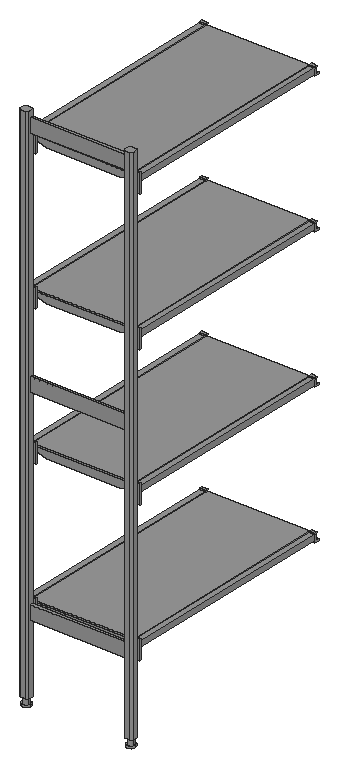
Revit family "QF_ELECTROLUXPROFESSIONAL_137050_ACS740", category Attrezzature speciali, Revit 2020
Family settings
  Quota connettore circolare = Usa diametro
  Tipo di parte = Normale
  Basato su piano di lavoro = No
  Sempre verticale = Sì
  Taglio con vuoti quando caricato = No
  Condiviso = No
  Punto di calcolo locali = No
Parameters (values of type "Standard")
  Weight = 13.00 kg
  Watts = 0 W
  Volts = 0 V
  URL Manufacturer = "https://www.electroluxprofessional.com/"
  URL = "https://www.electroluxprofessional.com/"
  Steam Supply Size = 0 mm
  Steam Supply Minimum Pressure = 0.0 Pa
  Steam Supply Maximum Pressure = 0.0 Pa
  Steam Consumption per Hour = 0
  Refrigeration Suction Line Size = 0.0 mm
  Refrigeration Liquid Line Size = 0.0 mm
  Refrigerant Compressor Remote = yes
  Prospetto di default = 0.0 mm
  Phase = 0
  Modello = "ACS740"
  Produttore = "Electrolux Professional"
  Length Actual = 744.0 mm  # constant formula
  Item Number = "137050"
  Hot Water Size = 0 mm
  Height Actual = 1700.0 mm  # constant formula
  HP = "0 HP"
  Gas Size = 0 mm
  Gas KW = 0
  Gas Input Pressure = 0 W
  Direct Waste Size = 0 mm
  Descrizione = "ALUM.CORNER SHELV.-POLY.TIERS-373X744MM"
  Depth Actual = 373.0 mm  # constant formula
  Cycle = 0 Hz
  Condensate Return Size = 0 mm
  Compressed Air Volume = 0.0 L/s
  Compressed Air Size = 0 mm
  Compressed Air Pressure = 0.0 Pa
  Cold Water Size = 0 mm
  Accessory = yes
Reference planes
  plane 1: z = 0
  plane 2 "Center (F/B)": y = -163.5
  plane 3 "Front": y = -549.5
  plane 4 "Left": x = -217.5
  plane 5 "Right": x = 155.5
  plane 6 "TOP": z = 1700
  plane 7: y = -517.5
  plane 8: y = 190.5
  plane 9 "Center (Left/Right)": x = -31
  plane 10: y = 185.5
  plane 11: x = -186
  plane 12: x = 124
  plane 13 "FEET": z = 25
  plane 14: z = 275
  plane 15: z = 725
  plane 16: z = 1175
  plane 17: z = 1625
  plane 18 "CXLeft": y = -535.5
  plane 19: x = -200
  plane 20 "CYBack": x = -200
  plane 21 "CYFront": x = 138
  plane 22 "Back": y = 194.5
  plane 23 "LEFT_ORIGIN": x = -251.5
  plane 24 "BACK_Origin": y = 567.5
Forms (mm)
  Extrusion 1, solid, material "QF_Aluminum"
    sketch origin (0, -549.5, 0) x (-1, 0, 0) y (0, 0, 1)
      loop
        line (198.5, 1650.994) -> (198.5, 1632.998) -> (217.5, 1632.998) -> (217.5, 1650.994) -> (198.5, 1650.994)
      loop
        line (-136.5, 1650.994) -> (-155.5, 1650.994) -> (-155.5, 1632.998) -> (-136.5, 1632.998) -> (-136.5, 1650.994)
      loop
        line (198.5, 1200.994) -> (198.5, 1182.998) -> (217.5, 1182.998) -> (217.5, 1200.994) -> (198.5, 1200.994)
      loop
        line (-136.5, 1200.994) -> (-155.5, 1200.994) -> (-155.5, 1182.998) -> (-136.5, 1182.998) -> (-136.5, 1200.994)
      loop
        line (198.5, 750.994) -> (198.5, 732.998) -> (217.5, 732.998) -> (217.5, 750.994) -> (198.5, 750.994)
      loop
        line (-136.5, 750.994) -> (-155.5, 750.994) -> (-155.5, 732.998) -> (-136.5, 732.998) -> (-136.5, 750.994)
      loop
        line (198.5, 300.994) -> (198.5, 282.998) -> (217.5, 282.998) -> (217.5, 300.994) -> (198.5, 300.994)
      loop
        line (-136.5, 300.994) -> (-155.5, 300.994) -> (-155.5, 282.998) -> (-136.5, 282.998) -> (-136.5, 300.994)
    from 32 to 740
  Extrusion 2, solid, material "QF_Polyethylene"
    sketch origin (0, -549.5, 0) x (-1, 0, 0) y (0, 0, 1)
      loop
        line (196.507, 1650.994) -> (-134.5, 1650.994) -> (-134.5, 1644.496) -> (196.507, 1644.496) -> (196.507, 1650.994)
      loop
        line (196.507, 1200.994) -> (-134.5, 1200.994) -> (-134.5, 1194.496) -> (196.507, 1194.496) -> (196.507, 1200.994)
      loop
        line (196.507, 750.994) -> (-134.5, 750.994) -> (-134.5, 744.496) -> (196.507, 744.496) -> (196.507, 750.994)
      loop
        line (196.507, 300.994) -> (-134.5, 300.994) -> (-134.5, 294.496) -> (196.507, 294.496) -> (196.507, 300.994)
    from 32 to 740
Lines and regions (mm)
  symbolic lines
    curve 1: line (-198.5, 190.5, 1700) -> (-198.5, -517.5, 1700)
    curve 2: line (-217.5, -521.5, 1700) -> (-217.5, 190.5, 1700)
    curve 3: line (155.5, -521.5, 1700) -> (155.5, 190.5, 1700)
    curve 4: line (-181.507, -517.5, 1700) -> (119.507, -517.5, 1700)
    curve 5: line (136.5, -517.5, 1700) -> (136.5, 190.5, 1700)
    curve 6: line (-198.5, 190.5, 1700) -> (136.5, 190.5, 1700)
Dimensions and locks
  plane 3 "Front" to plane 2 "Center (F/B)" = 386.0 mm
  locked: plane 6 "TOP" to level at 1700
  locked: plane 4 "Left" to plane 5 "Right" at 373
  locked: plane 7 to plane 8 at 708
  locked: plane 3 "Front" to plane 7 at 32
  plane 10 to plane 8 = 5.0 mm
  locked: plane 11 to plane 12 at 310
  equal spacing: plane 11, plane 9 "Center (Left/Right)", plane 12
  equal spacing: plane 4 "Left", plane 9 "Center (Left/Right)", plane 5 "Right"
  plane 13 "FEET" to level = 25.0 mm
  plane 6 "TOP" to plane 13 "FEET" = 1675.0 mm
  plane 14 to plane 13 "FEET" = 250.0 mm
  plane 15 to plane 14 = 450.0 mm
  plane 16 to plane 15 = 450.0 mm
  plane 17 to plane 16 = 450.0 mm
  locked: plane 3 "Front" to plane 18 "CXLeft" at 14
  locked: plane 3 "Front" to plane 22 "Back" at 744
  plane 23 "LEFT_ORIGIN" to plane 5 "Right" = 407.0 mm
  locked: plane 22 "Back" to plane 24 "BACK_Origin" at 373
  aligned and locked: level to plane 1
  aligned and locked: Extrusion 2 to plane 7
  aligned and locked: plane 8 to Extrusion 2
  aligned and locked: Extrusion 1 to plane 7
  aligned and locked: plane 8 to Extrusion 1
  aligned and locked: Extrusion 1 sketch curve to Extrusion 1 sketch curve  (x2)
  aligned and locked: nested 1 to plane 18 "CXLeft"
  aligned and locked: nested 2 to plane 10
Automatic sketch dimensions
  curve 2 to plane 4 "Left" = 0.0 mm
  curve 3 to plane 5 "Right" = 0.0 mm
  plane 7 to curve 1 = 0.0 mm
  plane 7 to curve 4 = 0.0 mm
  plane 7 to curve 5 = 0.0 mm
  plane 8 to curve 2 = 0.0 mm
  plane 8 to curve 1 = 0.0 mm
  plane 8 to curve 3 = 0.0 mm
  plane 21 "CYFront" to curve 5 = 1.5 mm
  plane 19 to curve 6 = 1.5 mm
  plane 7 to curve 3 = 4.0 mm
  plane 7 to curve 2 = 4.0 mm
  plane 12 to curve 4 = 4.493 mm
  curve 4 to plane 11 = 4.493 mm
  plane 5 "Right" to Extrusion 1 sketch curve = 0.0 mm  (x4)
  plane 4 "Left" to Extrusion 1 sketch curve = 0.0 mm  (x4)
  plane 21 "CYFront" to Extrusion 1 sketch curve = 1.5 mm  (x2)
  plane 19 to Extrusion 1 sketch curve = 1.5 mm  (x4)
  plane 14 to Extrusion 1 sketch curve = 7.998 mm  (x2)
  Extrusion 1 sketch curve to Extrusion 1 sketch curve = 17.997 mm  (x8)
  plane 15 to Extrusion 1 sketch curve = 7.998 mm  (x2)
  plane 16 to Extrusion 1 sketch curve = 7.998 mm  (x2)
  plane 17 to Extrusion 1 sketch curve = 7.998 mm  (x2)
  plane 21 "CYFront" to Extrusion 2 sketch curve = 3.5 mm  (x4)
  plane 19 to Extrusion 2 sketch curve = 3.493 mm  (x4)
  plane 14 to Extrusion 2 sketch curve = 19.496 mm
  Extrusion 2 sketch curve to Extrusion 2 sketch curve = 6.499 mm  (x4)
  plane 15 to Extrusion 2 sketch curve = 19.496 mm
  plane 16 to Extrusion 2 sketch curve = 19.496 mm
  plane 17 to Extrusion 2 sketch curve = 19.496 mm
Nested families
  nested 1: "WT_Anta373" at (-194.5, -132.5, 0) x (0, 1, 0) z (0, 0, 1), type "WT_Anta373"
  nested 2: "WT_Aggancio373" at (-194.5, 602.5, 0) x (0, 1, 0) z (0, 0, 1), type "WT_Aggancio373"
Definition of nested family "WT_Anta373"
  Parameters
    WidthLeft = A + 64.0 mm  # 772.0 mm
    Width = 1606.0 mm
    Right = WidthLeft / 2  # 386.0 mm
    Default Elevation = 0.0 mm
    Left = -WidthLeft / 2  # -386.0 mm
    Height = 1725.0 mm
    FEET = 25.0 mm
    E = 0.0 mm
    Dint = Depth - 63.0 mm  # 310.0 mm
    Dext = Depth - 8.0 mm  # 365.0 mm
    Depth = 373.0 mm
    DX = (WidthLeft - A) / 2  # 32.0 mm
    B = 798.0 mm
    A = 708.0 mm
  Reference planes
    plane 1: z = 0
    plane 2 "LEFT": x = -417
    plane 3 "BACK": y = 23
    plane 4 "FRONT": y = -350
    plane 5 "TOP": z = 1725
    plane 6 "Center (Front/Back)": y = -163.5
    plane 7: y = -8.5
    plane 8: y = -318.5
    plane 9 "FEET": z = 25
    plane 10: z = 275
    plane 11: z = 725
    plane 12: z = 1175
    plane 13: z = 1625
    plane 14 "CXLeft": x = -403
    plane 15: y = 5.5
    plane 16 "CYBack": y = 5.5
    plane 17 "CYFront": y = -332.5
    plane 18: x = -385.031
    plane 19: x = -380.031
  Forms (mm)
    Extrusion 1, solid
      sketch origin (0, 0, 0) x (1, 0, 0) y (0, 1, 0)
        loop
          line (-417, 13.246) -> (-417, -2.246) -> (-410.746, -8.5) -> (-395.254, -8.5) -> (-389, -2.246) -> (-389, 13.246) -> (-395.254, 19.5) -> (-410.746, 19.5) -> (-417, 13.246)
      from 1725 to 25
    Extrusion 2, solid
      sketch origin (-417, 0, 0) x (0, 1, 0) y (0, 0, 1)
        loop
          line (23, 246.005) -> (23, 307.993) -> (-12.993, 307.993) -> (-12.993, 246.005) -> (23, 246.005)
        loop
          line (-350, 246.005) -> (-314.007, 246.005) -> (-314.007, 307.993) -> (-350, 307.993) -> (-350, 246.005)
        loop
          line (23, 696.005) -> (23, 757.993) -> (-12.993, 757.993) -> (-12.993, 696.005) -> (23, 696.005)
        loop
          line (-350, 696.005) -> (-314.007, 696.005) -> (-314.007, 757.993) -> (-350, 757.993) -> (-350, 696.005)
        loop
          line (23, 1146.005) -> (23, 1207.993) -> (-12.993, 1207.993) -> (-12.993, 1146.005) -> (23, 1146.005)
        loop
          line (-350, 1146.005) -> (-314.007, 1146.005) -> (-314.007, 1207.993) -> (-350, 1207.993) -> (-350, 1146.005)
        loop
          line (23, 1596.005) -> (23, 1657.993) -> (-12.993, 1657.993) -> (-12.993, 1596.005) -> (23, 1596.005)
        loop
          line (-350, 1596.005) -> (-314.007, 1596.005) -> (-314.007, 1657.993) -> (-350, 1657.993) -> (-350, 1596.005)
      from 28 to 32
    Revolve 3, solid
      sketch origin (-403, 0, 0) x (0, 1, 0) y (0, 0, 1)
        loop
          line (5.5, 25) -> (5.5, 0) -> (19, 0) -> (19, 5) -> (14, 5) -> (14, 25) -> (5.5, 25)
        axis (5.5, 25) -> (5.5, 0)
      angle from 0 to 360
    Extrusion 4, solid
      sketch origin (-403, 0, 0) x (0, 1, 0) y (0, 0, 1)
        loop
          line (-8.5, 912.382) -> (-8.5, 957.374) -> (-318.5, 957.374) -> (-318.5, 912.382) -> (-8.5, 912.382)
        loop
          line (-8.5, 1662.244) -> (-8.5, 1707.236) -> (-318.5, 1707.236) -> (-318.5, 1662.244) -> (-8.5, 1662.244)
      from -5 to 5
    Revolve 5, solid
      sketch origin (-403, -627, 0) x (0, -1, 0) y (0, 0, 1)
        loop
          line (-294.5, 25) -> (-294.5, 0) -> (-281, 0) -> (-281, 5) -> (-286, 5) -> (-286, 25) -> (-294.5, 25)
        axis (-294.5, 25) -> (-294.5, 0)
      angle from 0 to 360
    Extrusion 6, solid
      sketch origin (0, -627, 0) x (1, 0, 0) y (0, 1, 0)
        loop
          line (-417, 286.754) -> (-410.746, 280.5) -> (-395.254, 280.5) -> (-389, 286.754) -> (-389, 302.246) -> (-395.254, 308.5) -> (-410.746, 308.5) -> (-417, 302.246) -> (-417, 286.754)
      from 1725 to 25
    Extrusion 7, solid
      sketch origin (-417.031, -0.022, 0) x (0, 1, 0) y (0, 0, -1)
        loop
          line (-12, -1632.998) -> (-46, -1620.994) -> (-281, -1620.994) -> (-315, -1632.998) -> (-331, -1632.998) -> (-331, -1650.994) -> (-329, -1650.994) -> (-329, -1644.496) -> (2.007, -1644.496) -> (2.007, -1650.994) -> (4, -1650.994) -> (4, -1632.998) -> (-12, -1632.998)
        loop
          line (-12, -1182.998) -> (-46, -1170.994) -> (-281, -1170.994) -> (-315, -1182.998) -> (-331, -1182.998) -> (-331, -1200.994) -> (-329, -1200.994) -> (-329, -1194.496) -> (2.007, -1194.496) -> (2.007, -1200.994) -> (4, -1200.994) -> (4, -1182.998) -> (-12, -1182.998)
        loop
          line (-12, -732.998) -> (-46, -720.994) -> (-281, -720.994) -> (-315, -732.998) -> (-331, -732.998) -> (-331, -750.994) -> (-329, -750.994) -> (-329, -744.496) -> (2.007, -744.496) -> (2.007, -750.994) -> (4, -750.994) -> (4, -732.998) -> (-12, -732.998)
        loop
          line (-12, -282.998) -> (-46, -270.994) -> (-281, -270.994) -> (-315, -282.998) -> (-331, -282.998) -> (-331, -300.994) -> (-329, -300.994) -> (-329, -294.496) -> (2.007, -294.496) -> (2.007, -300.994) -> (4, -300.994) -> (4, -282.998) -> (-12, -282.998)
      from -32 to -37
    Extrusion 8, solid
      sketch origin (-403, 0, -659.878) x (0, 1, 0) y (0, 0, 1)
        loop
          line (-8.5, 912.382) -> (-8.5, 957.374) -> (-318.5, 957.374) -> (-318.5, 912.382) -> (-8.5, 912.382)
        loop
          line (-8.5, 1572.382) -> (-8.5, 1617.374) -> (-318.5, 1617.374) -> (-318.5, 1572.382) -> (-8.5, 1572.382)
        loop
          line (-8.5, 2322.382) -> (-8.5, 2367.374) -> (-318.5, 2367.374) -> (-318.5, 2322.382) -> (-8.5, 2322.382)
      from -5 to 5
  Lines and regions (mm)
    symbolic lines
      curve 1: line (-408, -8.5, 1725) -> (-408, -318.5, 1725)
      curve 2: line (-398, -318.5, 1725) -> (-398, -8.5, 1725)
      curve 3: line (-395.254, -8.5, 1725) -> (-410.746, -8.5, 1725)
      curve 4: line (-417, -2.246, 1725) -> (-410.746, -8.5, 1725)
      curve 5: line (-417, 13.246, 1725) -> (-417, -2.246, 1725)
      curve 6: line (-410.746, 19.5, 1725) -> (-417, 13.246, 1725)
      curve 7: line (-395.254, 19.5, 1725) -> (-410.746, 19.5, 1725)
      curve 8: line (-389, 13.246, 1725) -> (-395.254, 19.5, 1725)
      curve 9: line (-395.254, -8.5, 1725) -> (-389, -2.246, 1725)
      curve 10: line (-395.254, -318.5, 1725) -> (-410.746, -318.5, 1725)
      curve 11: line (-417, -324.754, 1725) -> (-410.746, -318.5, 1725)
      curve 12: line (-410.746, -346.5, 1725) -> (-417, -340.246, 1725)
      curve 13: line (-395.254, -346.5, 1725) -> (-410.746, -346.5, 1725)
      curve 14: line (-389, -340.246, 1725) -> (-395.254, -346.5, 1725)
      curve 15: line (-395.254, -318.5, 1725) -> (-389, -324.754, 1725)
      curve 16: line (-389, -350, 1725) -> (-389, -314.007, 1725)
      curve 17: line (-389, -314.007, 1725) -> (-385, -314.007, 1725)
      curve 18: line (-389, 23, 1725) -> (-389, -12.993, 1725)
      curve 19: line (-389, -12.993, 1725) -> (-385, -12.993, 1725)
      curve 20: line (-417, -324.754, 1725) -> (-417, -340.246, 1725)
      curve 21: line (-385, -350, 1725) -> (-385, -314.007, 1725)
      curve 22: line (-385, -350, 1725) -> (-389, -350, 1725)
      curve 23: line (-385, 23, 1725) -> (-389, 23, 1725)
      curve 24: line (-385, -12.993, 1725) -> (-385, 23, 1725)
      curve 25: line (-385.031, -13.016, 1725) -> (-385.031, -314.029, 1725)
  Dimensions and locks
    "Height": plane 5 "TOP" to level
    "Depth": plane 3 "BACK" to plane 4 "FRONT"
    "Dint": plane 7 to plane 8
    equal spacing: plane 7, plane 6 "Center (Front/Back)", plane 8
    equal spacing: plane 3 "BACK", plane 6 "Center (Front/Back)", plane 4 "FRONT"
    plane 9 "FEET" to level = 25.0 mm
    plane 5 "TOP" to plane 9 "FEET" = 1700.0 mm
    plane 10 to plane 9 "FEET" = 250.0 mm
    plane 11 to plane 10 = 450.0 mm
    plane 12 to plane 11 = 450.0 mm
    plane 13 to plane 12 = 450.0 mm
    locked: plane 2 "LEFT" to plane 14 "CXLeft" at 14
    locked: plane 3 "BACK" to plane 16 "CYBack" at 17.5
    locked: plane 17 "CYFront" to plane 4 "FRONT" at 17.5
    locked: Revolve 3 sketch curve to Revolve 3 sketch curve at 8.5
    locked: Revolve 3 sketch curve to plane 16 "CYBack" at 13.5
    locked: Revolve 5 sketch curve to Revolve 5 sketch curve at 8.5
    aligned and locked: level to plane 1
    aligned and locked: curve 20 to Extrusion 6
    aligned and locked: plane 5 "TOP" to Extrusion 1
    aligned and locked: plane 5 "TOP" to Extrusion 6
    aligned and locked: Extrusion 7 sketch curve to Extrusion 7 sketch curve  (x3)
  Automatic sketch dimensions
    curve 16 to plane 4 "FRONT" = 0.0 mm
    curve 11 to plane 8 = 0.0 mm
    curve 9 to plane 7 = 0.0 mm
    curve 5 to plane 2 "LEFT" = 0.0 mm
    curve 23 to plane 3 "BACK" = 0.0 mm
    plane 4 "FRONT" to curve 13 = 3.5 mm
    curve 20 to plane 17 "CYFront" = 7.746 mm
    curve 20 to plane 8 = 6.254 mm
    plane 8 to curve 16 = 4.493 mm
    curve 24 to plane 18 = 0.031 mm
    curve 24 to plane 7 = 4.493 mm
    plane 7 to curve 5 = 6.254 mm
    curve 5 to plane 15 = 7.746 mm
    curve 6 to plane 3 "BACK" = 3.5 mm
    curve 21 to plane 18 = 0.031 mm
    plane 18 to curve 23 = 3.969 mm
    plane 18 to curve 16 = 3.969 mm
    curve 18 to curve 8 = 6.254 mm
    curve 18 to curve 3 = 6.254 mm
    curve 16 to curve 13 = 6.254 mm
    curve 16 to curve 15 = 6.254 mm
    plane 2 "LEFT" to curve 10 = 6.254 mm
    plane 2 "LEFT" to curve 7 = 6.254 mm
    plane 2 "LEFT" to curve 12 = 6.254 mm
    plane 2 "LEFT" to curve 3 = 6.254 mm
    curve 14 to plane 17 "CYFront" = 7.746 mm
    curve 15 to plane 8 = 6.254 mm
    plane 7 to curve 9 = 6.254 mm
    curve 8 to plane 15 = 7.746 mm
    curve 3 to curve 2 = 2.746 mm
    curve 1 to curve 10 = 2.746 mm
    Extrusion 1 sketch curve to plane 2 "LEFT" = 0.0 mm
    Extrusion 1 sketch curve to plane 7 = 0.0 mm
    plane 2 "LEFT" to Extrusion 1 sketch curve = 6.254 mm  (x2)
    plane 14 "CXLeft" to Extrusion 1 sketch curve = 7.746 mm  (x2)
    Extrusion 1 sketch curve to plane 3 "BACK" = 3.5 mm
    plane 18 to Extrusion 1 sketch curve = 3.969 mm
    plane 7 to Extrusion 1 sketch curve = 6.254 mm  (x2)
    Extrusion 1 sketch curve to plane 15 = 7.746 mm  (x2)
    Extrusion 2 sketch curve to plane 4 "FRONT" = 0.0 mm  (x4)
    Extrusion 2 sketch curve to plane 3 "BACK" = 0.0 mm  (x4)
    plane 8 to Extrusion 2 sketch curve = 4.493 mm  (x4)
    Extrusion 2 sketch curve to plane 7 = 4.493 mm  (x4)
    Extrusion 2 sketch curve to plane 10 = 28.995 mm  (x2)
    plane 10 to Extrusion 2 sketch curve = 32.993 mm  (x2)
    Extrusion 2 sketch curve to plane 11 = 28.995 mm  (x2)
    plane 11 to Extrusion 2 sketch curve = 32.993 mm  (x2)
    Extrusion 2 sketch curve to plane 12 = 28.995 mm  (x2)
    plane 12 to Extrusion 2 sketch curve = 32.993 mm  (x2)
    Extrusion 2 sketch curve to plane 13 = 28.995 mm  (x2)
    plane 13 to Extrusion 2 sketch curve = 32.993 mm  (x2)
    Revolve 3 sketch curve to plane 9 "FEET" = 0.0 mm  (x2)
    Revolve 3 sketch curve to plane 15 = 0.0 mm  (x2)
    Revolve 3 sketch curve to level = 0.0 mm
    level to Revolve 3 sketch curve = 5.0 mm
    Revolve 3 sketch curve to Revolve 3 sketch curve = 11.655 mm
    Extrusion 4 sketch curve to plane 8 = 0.0 mm  (x2)
    Extrusion 4 sketch curve to plane 7 = 0.0 mm  (x2)
    plane 11 to Extrusion 4 sketch curve = 187.382 mm
    Extrusion 4 sketch curve to Extrusion 4 sketch curve = 44.992 mm
    plane 13 to Extrusion 4 sketch curve = 37.244 mm
    Extrusion 4 sketch curve to plane 5 "TOP" = 17.764 mm
    Revolve 5 sketch curve to plane 9 "FEET" = 0.0 mm  (x2)
    Revolve 5 sketch curve to plane 17 "CYFront" = 0.0 mm  (x2)
    Revolve 5 sketch curve to level = 0.0 mm
    Revolve 5 sketch curve to plane 4 "FRONT" = 4.0 mm
    Revolve 5 sketch curve to Revolve 5 sketch curve = 5.0 mm
    level to Revolve 5 sketch curve = 11.655 mm
    Extrusion 6 sketch curve to plane 2 "LEFT" = 0.0 mm
    Extrusion 6 sketch curve to plane 8 = 0.0 mm
    Extrusion 6 sketch curve to plane 2 "LEFT" = 6.254 mm  (x2)
    Extrusion 6 sketch curve to plane 14 "CXLeft" = 7.746 mm  (x2)
    Extrusion 6 sketch curve to plane 4 "FRONT" = 3.5 mm
    Extrusion 6 sketch curve to plane 18 = 3.969 mm
    plane 8 to Extrusion 6 sketch curve = 6.254 mm  (x2)
    plane 17 "CYFront" to Extrusion 6 sketch curve = 7.746 mm  (x2)
    plane 17 "CYFront" to Extrusion 7 sketch curve = 1.478 mm  (x4)
    Extrusion 7 sketch curve to Extrusion 7 sketch curve = 2.0 mm
    plane 8 to Extrusion 7 sketch curve = 3.478 mm  (x4)
    Extrusion 7 sketch curve to plane 10 = 4.006 mm
    Extrusion 7 sketch curve to Extrusion 7 sketch curve = 34.0 mm  (x4)
    Extrusion 7 sketch curve to plane 11 = 4.006 mm
    Extrusion 7 sketch curve to plane 12 = 4.006 mm
    Extrusion 7 sketch curve to plane 13 = 4.006 mm
    Extrusion 7 sketch curve to plane 7 = 37.522 mm  (x4)
    Extrusion 7 sketch curve to plane 7 = 3.522 mm  (x4)
    plane 15 to Extrusion 7 sketch curve = 3.516 mm  (x4)
    plane 15 to Extrusion 7 sketch curve = 1.522 mm  (x4)
    plane 13 to Extrusion 7 sketch curve = 7.998 mm  (x2)
    Extrusion 7 sketch curve to Extrusion 7 sketch curve = 11.498 mm
    Extrusion 7 sketch curve to Extrusion 7 sketch curve = 6.499 mm  (x5)
    plane 12 to Extrusion 7 sketch curve = 25.994 mm  (x2)
    plane 12 to Extrusion 7 sketch curve = 7.998 mm  (x2)
    plane 11 to Extrusion 7 sketch curve = 25.994 mm  (x2)
    plane 11 to Extrusion 7 sketch curve = 7.998 mm  (x2)
    plane 10 to Extrusion 7 sketch curve = 25.994 mm  (x2)
    plane 10 to Extrusion 7 sketch curve = 7.998 mm  (x2)
    curve 25 to plane 18 = 0.0 mm
    plane 8 to curve 25 = 4.471 mm
    curve 25 to plane 7 = 4.516 mm
    Extrusion 8 sketch curve to plane 8 = 0.0 mm  (x3)
    Extrusion 8 sketch curve to plane 7 = 0.0 mm  (x3)
    Extrusion 8 sketch curve to plane 10 = 22.496 mm
    plane 10 to Extrusion 8 sketch curve = 22.496 mm
    plane 11 to Extrusion 8 sketch curve = 187.504 mm
    Extrusion 8 sketch curve to Extrusion 8 sketch curve = 44.992 mm
    plane 13 to Extrusion 8 sketch curve = 37.504 mm
    Extrusion 8 sketch curve to plane 5 "TOP" = 17.504 mm
Definition of nested family "WT_Aggancio373"
  Parameters
    WidthLeft = A + 64.0 mm  # 772.0 mm
    Width = 1606.0 mm
    Right = WidthLeft / 2  # 386.0 mm
    Default Elevation = 0.0 mm
    Left = -WidthLeft / 2  # -386.0 mm
    Height = 1725.0 mm
    FEET = 25.0 mm
    E = 0.0 mm
    Dint = Depth - 63.0 mm  # 310.0 mm
    Dext = Depth - 8.0 mm  # 365.0 mm
    Depth = 373.0 mm
    DX = (WidthLeft - A) / 2  # 32.0 mm
    B = 798.0 mm
    A = 708.0 mm
  Reference planes
    plane 1: z = 0
    plane 2 "LEFT": x = -417
    plane 3 "BACK": y = 23
    plane 4 "FRONT": y = -350
    plane 5 "TOP": z = 1725
    plane 6 "Center (Front/Back)": y = -163.5
    plane 7: y = -8.5
    plane 8: y = -318.5
    plane 9 "FEET": z = 25
    plane 10: z = 275
    plane 11: z = 725
    plane 12: z = 1175
    plane 13: z = 1625
    plane 14: y = 5.5
    plane 15 "CYBack": y = 5.5
    plane 16 "CYFront": y = -332.5
  Forms (mm)
    Extrusion 1, solid
      sketch origin (-380, -0.022, 0) x (0, 1, 0) y (0, 0, 1)
        loop
          line (-12, 1632.998) -> (4, 1632.998) -> (4, 1650.994) -> (2.007, 1650.994) -> (2.007, 1644.496) -> (-329, 1644.496) -> (-329, 1650.994) -> (-331, 1650.994) -> (-331, 1632.998) -> (-315, 1632.998) -> (-281, 1620.994) -> (-46, 1620.994) -> (-12, 1632.998)
        loop
          line (-12, 1182.998) -> (4, 1182.998) -> (4, 1200.994) -> (2.007, 1200.994) -> (2.007, 1194.496) -> (-329, 1194.496) -> (-329, 1200.994) -> (-331, 1200.994) -> (-331, 1182.998) -> (-315, 1182.998) -> (-281, 1170.994) -> (-46, 1170.994) -> (-12, 1182.998)
        loop
          line (-12, 732.998) -> (4, 732.998) -> (4, 750.994) -> (2.007, 750.994) -> (2.007, 744.496) -> (-329, 744.496) -> (-329, 750.994) -> (-331, 750.994) -> (-331, 732.998) -> (-315, 732.998) -> (-281, 720.994) -> (-46, 720.994) -> (-12, 732.998)
        loop
          line (-12, 282.998) -> (4, 282.998) -> (4, 300.994) -> (2.007, 300.994) -> (2.007, 294.496) -> (-329, 294.496) -> (-329, 300.994) -> (-331, 300.994) -> (-331, 282.998) -> (-315, 282.998) -> (-281, 270.994) -> (-46, 270.994) -> (-12, 282.998)
      from -32 to -37
    Extrusion 2, solid
      sketch origin (-793.062, -324.754, 6.5) x (1, 0, 0) y (0, 0, 1)
        loop
          line (385.062, 1644.496) -> (385.062, 1647.496) -> (376.062, 1647.496) -> (376.062, 1620.994) -> (390.031, 1620.994) -> (390.031, 1626.496) -> (381.062, 1626.496) -> (381.062, 1644.496) -> (385.062, 1644.496)
        loop
          line (385.062, 1194.496) -> (385.062, 1197.496) -> (376.062, 1197.496) -> (376.062, 1170.994) -> (390.031, 1170.994) -> (390.031, 1176.496) -> (381.062, 1176.496) -> (381.062, 1194.496) -> (385.062, 1194.496)
        loop
          line (385.062, 744.496) -> (385.062, 747.496) -> (376.062, 747.496) -> (376.062, 720.994) -> (390.031, 720.994) -> (390.031, 726.496) -> (381.062, 726.496) -> (381.062, 744.496) -> (385.062, 744.496)
        loop
          line (385.062, 294.496) -> (385.062, 297.496) -> (376.062, 297.496) -> (376.062, 270.994) -> (390.031, 270.994) -> (390.031, 276.496) -> (381.062, 276.496) -> (381.062, 294.496) -> (385.062, 294.496)
      from 6.268 to 25.246
    Extrusion 3, solid
      sketch origin (-793.062, 32.754, 6.5) x (1, 0, 0) y (0, 0, 1)
        loop
          line (385.062, 1644.496) -> (385.062, 1647.496) -> (376.062, 1647.496) -> (376.062, 1620.994) -> (390.031, 1620.994) -> (390.031, 1626.496) -> (381.062, 1626.496) -> (381.062, 1644.496) -> (385.062, 1644.496)
        loop
          line (385.062, 1194.496) -> (385.062, 1197.496) -> (376.062, 1197.496) -> (376.062, 1170.994) -> (390.031, 1170.994) -> (390.031, 1176.496) -> (381.062, 1176.496) -> (381.062, 1194.496) -> (385.062, 1194.496)
        loop
          line (385.062, 744.496) -> (385.062, 747.496) -> (376.062, 747.496) -> (376.062, 720.994) -> (390.031, 720.994) -> (390.031, 726.496) -> (381.062, 726.496) -> (381.062, 744.496) -> (385.062, 744.496)
        loop
          line (385.062, 294.496) -> (385.062, 297.496) -> (376.062, 297.496) -> (376.062, 270.994) -> (390.031, 270.994) -> (390.031, 276.496) -> (381.062, 276.496) -> (381.062, 294.496) -> (385.062, 294.496)
      from 9.754 to 28.776
  Lines and regions (mm)
    symbolic lines
      curve 1: line (-412, -350, 0) -> (-408, -350, 0)
      curve 2: line (-412, -331.022, 0) -> (-412, -350, 0)
      curve 3: line (-408, -331.022, 0) -> (-412, -331.022, 0)
      curve 4: line (-408, -350, 0) -> (-408, -331.022, 0)
      curve 5: line (-412, 3.978, 0) -> (-408, 3.978, 0)
      curve 6: line (-412, 23, 0) -> (-412, 3.978, 0)
      curve 7: line (-408, 23, 0) -> (-412, 23, 0)
      curve 8: line (-408, 3.978, 0) -> (-408, 23, 0)
  Dimensions and locks
    "Height": plane 5 "TOP" to level
    "Depth": plane 3 "BACK" to plane 4 "FRONT"
    "Dint": plane 7 to plane 8
    equal spacing: plane 7, plane 6 "Center (Front/Back)", plane 8
    equal spacing: plane 3 "BACK", plane 6 "Center (Front/Back)", plane 4 "FRONT"
    plane 9 "FEET" to level = 25.0 mm
    plane 5 "TOP" to plane 9 "FEET" = 1700.0 mm
    plane 10 to plane 9 "FEET" = 250.0 mm
    plane 11 to plane 10 = 450.0 mm
    plane 12 to plane 11 = 450.0 mm
    plane 13 to plane 12 = 450.0 mm
    locked: plane 3 "BACK" to plane 15 "CYBack" at 17.5
    locked: plane 16 "CYFront" to plane 4 "FRONT" at 17.5
    aligned and locked: level to plane 1
    aligned and locked: Extrusion 1 sketch curve to Extrusion 1 sketch curve  (x3)
  Automatic sketch dimensions
    plane 16 "CYFront" to Extrusion 1 sketch curve = 1.478 mm  (x4)
    Extrusion 1 sketch curve to Extrusion 1 sketch curve = 2.0 mm
    plane 8 to Extrusion 1 sketch curve = 3.478 mm  (x4)
    Extrusion 1 sketch curve to plane 10 = 4.006 mm
    Extrusion 1 sketch curve to Extrusion 1 sketch curve = 34.0 mm  (x4)
    Extrusion 1 sketch curve to plane 11 = 4.006 mm
    Extrusion 1 sketch curve to plane 12 = 4.006 mm
    Extrusion 1 sketch curve to plane 13 = 4.006 mm
    Extrusion 1 sketch curve to plane 7 = 37.522 mm  (x4)
    Extrusion 1 sketch curve to plane 7 = 3.522 mm  (x4)
    plane 14 to Extrusion 1 sketch curve = 3.516 mm  (x4)
    plane 14 to Extrusion 1 sketch curve = 1.522 mm  (x4)
    plane 10 to Extrusion 1 sketch curve = 7.998 mm  (x2)
    Extrusion 1 sketch curve to Extrusion 1 sketch curve = 11.498 mm  (x4)
    Extrusion 1 sketch curve to Extrusion 1 sketch curve = 6.499 mm  (x8)
    plane 11 to Extrusion 1 sketch curve = 7.998 mm  (x2)
    plane 12 to Extrusion 1 sketch curve = 7.998 mm  (x2)
    plane 13 to Extrusion 1 sketch curve = 7.998 mm  (x2)
    plane 2 "LEFT" to Extrusion 2 sketch curve = 0.0 mm  (x4)
    plane 13 to Extrusion 2 sketch curve = 7.996 mm
    plane 11 to Extrusion 2 sketch curve = 7.996 mm
    Extrusion 2 sketch curve to Extrusion 2 sketch curve = 5.0 mm  (x4)
    plane 11 to Extrusion 2 sketch curve = 2.494 mm
    plane 10 to Extrusion 2 sketch curve = 28.996 mm
    Extrusion 2 sketch curve to Extrusion 2 sketch curve = 3.0 mm  (x4)
    plane 10 to Extrusion 2 sketch curve = 7.996 mm
    plane 10 to Extrusion 2 sketch curve = 2.494 mm
    Extrusion 2 sketch curve to Extrusion 2 sketch curve = 18.0 mm  (x3)
    plane 12 to Extrusion 2 sketch curve = 2.494 mm
    plane 12 to Extrusion 2 sketch curve = 7.996 mm
    plane 13 to Extrusion 2 sketch curve = 2.494 mm
    plane 2 "LEFT" to Extrusion 3 sketch curve = 0.0 mm  (x4)
    plane 13 to Extrusion 3 sketch curve = 7.996 mm
    plane 11 to Extrusion 3 sketch curve = 7.996 mm
    Extrusion 3 sketch curve to Extrusion 3 sketch curve = 5.0 mm  (x4)
    plane 11 to Extrusion 3 sketch curve = 2.494 mm
    plane 10 to Extrusion 3 sketch curve = 28.996 mm
    Extrusion 3 sketch curve to Extrusion 3 sketch curve = 3.0 mm  (x4)
    plane 10 to Extrusion 3 sketch curve = 7.996 mm
    plane 10 to Extrusion 3 sketch curve = 2.494 mm
    Extrusion 3 sketch curve to Extrusion 3 sketch curve = 18.0 mm  (x3)
    plane 12 to Extrusion 3 sketch curve = 2.494 mm
    plane 12 to Extrusion 3 sketch curve = 7.996 mm
    plane 13 to Extrusion 3 sketch curve = 2.494 mm
    plane 2 "LEFT" to curve 1 = 5.0 mm
    plane 2 "LEFT" to curve 7 = 5.0 mm
    curve 1 to plane 16 "CYFront" = 17.5 mm
    curve 3 to plane 8 = 12.522 mm
    plane 7 to curve 5 = 12.478 mm
    curve 7 to plane 14 = 17.5 mm
    curve 5 to curve 5 = 4.0 mm
    curve 1 to curve 4 = 4.0 mm
    Extrusion 2 sketch curve to Extrusion 2 sketch curve = 4.0 mm  (x4)
    Extrusion 2 sketch curve to Extrusion 2 sketch curve = 8.969 mm  (x4)
    Extrusion 3 sketch curve to Extrusion 3 sketch curve = 4.0 mm  (x4)
    Extrusion 3 sketch curve to Extrusion 3 sketch curve = 8.969 mm  (x4)
